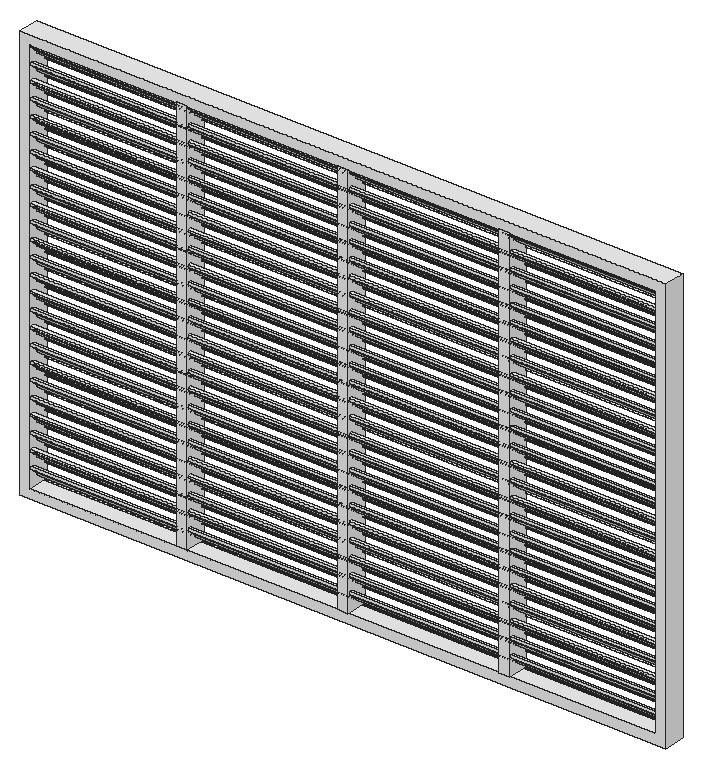
Revit family
Parameters
  폭 1 = Width - 90 mm  # 3010 mm
  그릴 두께 = 100 mm
  Grill Panel 갯수 = 25
  그릴 패널 = AG7 그릴 패널
  그릴 프레임 = AG7 그릴 프레임
  프레임 투영 외부. = 25 mm
  프레임 투영 내부. = 25 mm
  프레임 폭 = 75 mm
  Height = 2600 mm
  Wall Closure = (empty or 0)
  Width = 3100 mm
  기본 씰 높이 = 600 mm
Reference planes
  plane 1: y = 0
  plane 2 "중심(왼쪽/오른쪽)": x = 0
  plane 3 "외부": y = 75
  plane 4 "내부": y = -75
  plane 5: y = -25
  plane 6: z = 600
  plane 7: z = 2600
  plane 8: x = -1550
  plane 9: x = 1550
  plane 10: x = -1504.925
  plane 11: x = 1504.925
  plane 12: x = -25
  plane 13: x = 25
  plane 14: z = 2554.925
  plane 15: z = 645.075
  plane 16: x = -775
  plane 17: x = 775
  plane 18: x = -750
  plane 19: x = -800
  plane 20: x = 800
  plane 21: x = 750
  plane 22: y = 72
Forms (mm)
  Extrusion 1, solid, material "AG7 그릴 프레임" <- "그릴 프레임"
    sketch origin (0, 0, 0) x (1, 0, 0) y (0, 1, 0)
      loop
        line (-25, 75) -> (-25, -25) -> (25, -25) -> (25, 75) -> (-25, 75)
    from 645.075 to 2554.925
  Extrusion 2, solid, material "AG7 그릴 프레임" <- "그릴 프레임"
    sketch origin (0, 0, 0) x (1, 0, 0) y (0, 1, 0)
      loop
        line (-800, 75) -> (-800, -25) -> (-750, -25) -> (-750, 75) -> (-800, 75)
      loop
        line (750, 75) -> (750, -25) -> (800, -25) -> (800, 75) -> (750, 75)
    from 645.075 to 2554.925
  Extrusion 3, solid, material "AG7 그릴 프레임" <- "그릴 프레임"
    sketch origin (0, 75, 0) x (1, 0, 0) y (0, 0, 1)
      loop
        line (1550, 2600) -> (-1550, 2600) -> (-1550, 600) -> (1550, 600) -> (1550, 2600)
      loop
        line (1504.925, 2554.925) -> (-1504.925, 2554.925) -> (-1504.925, 645.075) -> (1504.925, 645.075) -> (1504.925, 2554.925)
    from 0 to 100
Lines and regions (mm)
  Opening 1
    outline origin (-5000, -75, 0) x (1, 0, 0) y (0, 0, 1)
      loop
        line (6550, 2600) -> (3450, 2600) -> (3450, 600) -> (6550, 600) -> (6550, 2600)
Text (mm)
  text "외부" at (-2295.016, 1099.543, 0), in view "참조 레벨"
  text "외부" at (0, 1615.38, 3698.081), in view "왼쪽"
  text "외부" at (0, 1036.032, 3874.932), in view "오른쪽"
Dimensions and locks
  locked: plane 3 "외부" to host wall at 0
  locked: plane 4 "내부" to host wall
  host wall to host wall = 5000 mm
  "그릴 두께": plane 5 to plane 3 "외부"
  "Width": plane 8 to plane 9
  "Height": level to plane 7
  locked: plane 8 to plane 10 at 45.075
  locked: plane 11 to plane 9 at 45.075
  plane 12 to plane 2 "중심(왼쪽/오른쪽)" to plane 13 = 25 mm locked, 25 mm locked
  locked: plane 14 to plane 7 at 45.075
  locked: plane 6 to plane 15 at 45.075
  equal spacing: plane 8, plane 16, plane 2 "중심(왼쪽/오른쪽)", plane 17, plane 9
  plane 19 to plane 16 to plane 18 = 25 mm locked, 25 mm locked
  plane 21 to plane 17 to plane 20 = 25 mm locked, 25 mm locked
  "기본 씰 높이": level to plane 6
  locked: host wall to plane 22 at 3
  equal spacing: group 1, group 3, group 4, group 5, group 6, group 7, group 8, group 9, group 10, group 11, group 12, group 13, group 14, group 15, group 16, group 17, group 18, group 19, group 20, group 21, group 22, group 23, group 24, group 25, group 2  (x2)
  equal spacing: group 2, group 25, group 24, group 23, group 22, group 21, group 20, group 19, group 18, group 17, group 16, group 15, group 14, group 13, group 12, group 11, group 10, group 9, group 8, group 7, group 6, group 5, group 4, group 3, group 1
  aligned and locked: plane 1 to host wall
  aligned and locked: plane 9 to Opening 1 sketch curve
  aligned and locked: plane 7 to Opening 1 sketch curve
  aligned and locked: plane 6 to Opening 1 sketch curve
  aligned and locked: Opening 1 sketch curve to plane 8
  aligned and locked: plane 12 to Extrusion 1 sketch curve
  aligned and locked: plane 3 "외부" to Extrusion 1 sketch curve
  aligned and locked: plane 5 to Extrusion 1 sketch curve
  aligned and locked: Extrusion 1 sketch curve to plane 13
  aligned and locked: plane 14 to Extrusion 1
  aligned and locked: Extrusion 1 to plane 15
  aligned and locked: plane 19 to Extrusion 2 sketch curve
  aligned and locked: plane 3 "외부" to Extrusion 2 sketch curve  (x2)
  aligned and locked: plane 5 to Extrusion 2 sketch curve
  aligned and locked: plane 18 to Extrusion 2 sketch curve
  aligned and locked: plane 21 to Extrusion 2 sketch curve
  aligned and locked: plane 20 to Extrusion 2 sketch curve
  aligned and locked: plane 14 to Extrusion 2
  aligned and locked: Extrusion 2 to plane 15
  aligned and locked: Extrusion 3 sketch curve to plane 7
  aligned and locked: Extrusion 3 sketch curve to plane 9
  aligned and locked: plane 6 to Extrusion 3 sketch curve
  aligned and locked: plane 8 to Extrusion 3 sketch curve
  aligned and locked: plane 11 to Extrusion 3 sketch curve
  aligned and locked: plane 14 to Extrusion 3 sketch curve
  aligned and locked: plane 15 to Extrusion 3 sketch curve
  aligned and locked: plane 10 to Extrusion 3 sketch curve
  aligned and locked: Extrusion 3 to plane 3 "외부"
  aligned and locked: plane 5 to Extrusion 3
  aligned and locked: plane 2 "중심(왼쪽/오른쪽)" to nested 1
  aligned and locked: nested 1 to plane 22
  aligned and locked: nested 1 to Extrusion 3
  aligned and locked: nested 2 to plane 22
  aligned and locked: nested 2 to Extrusion 3
Automatic sketch dimensions
  Extrusion 2 sketch curve to plane 5 = 0 mm
Nested families
  nested 1: "셔터 블레이드" at (0, -21.656, 2554.925), type "셔터 블레이드"
    with 폭 3010 mm
  nested 2: "셔터 블레이드" at (0, -21.656, 740.233), type "셔터 블레이드"
    with 폭 3010 mm
  nested 3: "셔터 블레이드" at (0, -21.656, 2479.313), type "셔터 블레이드"
    with 폭 3010 mm
  nested 4: "셔터 블레이드" at (0, -21.656, 2403.701), type "셔터 블레이드"
    with 폭 3010 mm
  nested 5: "셔터 블레이드" at (0, -21.656, 2328.089), type "셔터 블레이드"
    with 폭 3010 mm
  nested 6: "셔터 블레이드" at (0, -21.656, 2252.476), type "셔터 블레이드"
    with 폭 3010 mm
  nested 7: "셔터 블레이드" at (0, -21.656, 2176.864), type "셔터 블레이드"
    with 폭 3010 mm
  nested 8: "셔터 블레이드" at (0, -21.656, 2101.252), type "셔터 블레이드"
    with 폭 3010 mm
  nested 9: "셔터 블레이드" at (0, -21.656, 2025.64), type "셔터 블레이드"
    with 폭 3010 mm
  nested 10: "셔터 블레이드" at (0, -21.656, 1950.028), type "셔터 블레이드"
    with 폭 3010 mm
  nested 11: "셔터 블레이드" at (0, -21.656, 1874.416), type "셔터 블레이드"
    with 폭 3010 mm
  nested 12: "셔터 블레이드" at (0, -21.656, 1798.803), type "셔터 블레이드"
    with 폭 3010 mm
  nested 13: "셔터 블레이드" at (0, -21.656, 1723.191), type "셔터 블레이드"
    with 폭 3010 mm
  nested 14: "셔터 블레이드" at (0, -21.656, 1647.579), type "셔터 블레이드"
    with 폭 3010 mm
  nested 15: "셔터 블레이드" at (0, -21.656, 1571.967), type "셔터 블레이드"
    with 폭 3010 mm
  nested 16: "셔터 블레이드" at (0, -21.656, 1496.355), type "셔터 블레이드"
    with 폭 3010 mm
  nested 17: "셔터 블레이드" at (0, -21.656, 1420.743), type "셔터 블레이드"
    with 폭 3010 mm
  nested 18: "셔터 블레이드" at (0, -21.656, 1345.13), type "셔터 블레이드"
    with 폭 3010 mm
  nested 19: "셔터 블레이드" at (0, -21.656, 1269.518), type "셔터 블레이드"
    with 폭 3010 mm
  nested 20: "셔터 블레이드" at (0, -21.656, 1193.906), type "셔터 블레이드"
    with 폭 3010 mm
  nested 21: "셔터 블레이드" at (0, -21.656, 1118.294), type "셔터 블레이드"
    with 폭 3010 mm
  nested 22: "셔터 블레이드" at (0, -21.656, 1042.682), type "셔터 블레이드"
    with 폭 3010 mm
  nested 23: "셔터 블레이드" at (0, -21.656, 967.07), type "셔터 블레이드"
    with 폭 3010 mm
  nested 24: "셔터 블레이드" at (0, -21.656, 891.457), type "셔터 블레이드"
    with 폭 3010 mm
  nested 25: "셔터 블레이드" at (0, -21.656, 815.845), type "셔터 블레이드"
    with 폭 3010 mm
Definition of nested family "셔터 블레이드"
  Parameters
    폭 = 1400 mm
    그릴 패널 = none
  Reference planes
    plane 1 "중심(앞/뒤)": y = 0
    plane 2: z = 0
    plane 3 "중심(왼쪽/오른쪽)": x = 0
    plane 4: x = -700
    plane 5: x = 700
  Forms (mm)
    Extrusion 1, solid, material <- "그릴 패널"
      sketch origin (-1827.286, -3.089, -2354.925) x (0, -1, 0) y (0, 0, 1)
        loop
          line (-15.61, 2354.925) -> (-15.61, 2352.922) -> (-5.092, 2352.922) -> (-5.092, 2343.354) -> (-60.985, 2311.084) -> (-59.983, 2309.349) -> (-52.711, 2313.548)
          arc (-52.711, 2313.548) -> (-43.568, 2311.098) -> (-46.018, 2301.955) r 6.693
          line (-46.018, 2301.955) -> (-71.766, 2287.09)
          arc (-71.766, 2287.09) -> (-71.967, 2288.591) -> (-72.782, 2289.867) r 3.506
          arc (-72.782, 2289.867) -> (-73.392, 2290.063) -> (-73.907, 2289.681) r 0.701
          arc (-73.907, 2289.681) -> (-74.029, 2289.222) -> (-73.83, 2288.79) r 0.701
          arc (-73.83, 2288.79) -> (-75.259, 2285.383) -> (-76.688, 2288.79) r 2.003
          arc (-76.688, 2288.79) -> (-76.489, 2289.222) -> (-76.611, 2289.681) r 0.701
          arc (-76.611, 2289.681) -> (-77.125, 2290.063) -> (-77.735, 2289.867) r 0.701
          arc (-77.735, 2289.867) -> (-78.713, 2286.783) -> (-76.749, 2284.213) r 3.506
          line (-76.749, 2284.213) -> (-96.745, 2272.494) -> (-96.745, 2259.767) -> (-84.224, 2259.767) -> (-84.224, 2261.77) -> (-94.741, 2261.77) -> (-94.741, 2271.338) -> (-45.016, 2300.22)
          arc (-45.016, 2300.22) -> (-40.804, 2309.286) -> (-47.903, 2316.324) r 8.697
          line (-47.903, 2316.324) -> (-28.368, 2327.602)
          arc (-28.368, 2327.602) -> (-28.167, 2326.101) -> (-27.352, 2324.824) r 3.506
          arc (-27.352, 2324.824) -> (-26.742, 2324.629) -> (-26.227, 2325.011) r 0.701
          arc (-26.227, 2325.011) -> (-26.105, 2325.47) -> (-26.304, 2325.901) r 0.701
          arc (-26.304, 2325.901) -> (-24.875, 2329.309) -> (-23.446, 2325.901) r 2.003
          arc (-23.446, 2325.901) -> (-23.645, 2325.47) -> (-23.523, 2325.011) r 0.701
          arc (-23.523, 2325.011) -> (-23.009, 2324.629) -> (-22.399, 2324.824) r 0.701
          arc (-22.399, 2324.824) -> (-21.421, 2327.908) -> (-23.385, 2330.479) r 3.506
          line (-23.385, 2330.479) -> (-3.089, 2342.197) -> (-3.089, 2354.925) -> (-15.61, 2354.925)
      from -1127.286 to -2527.286
  Dimensions and locks
    equal spacing: plane 4, plane 3 "중심(왼쪽/오른쪽)", plane 5
    "폭": plane 4 to plane 5
    aligned and locked: Extrusion 1 to plane 4
    aligned and locked: plane 5 to Extrusion 1
  Automatic sketch dimensions
    Extrusion 1 sketch curve to Extrusion 1 sketch curve = 0 mm  (x22)
    Extrusion 1 sketch curve to level = 0 mm
    Extrusion 1 sketch curve to plane 1 "중심(앞/뒤)" = 0 mm
    Extrusion 1 sketch curve to plane 1 "중심(앞/뒤)" = 2.003 mm
    Extrusion 1 sketch curve to level = 2.003 mm
    Extrusion 1 sketch curve to Extrusion 1 sketch curve = 10.517 mm  (x2)
    Extrusion 1 sketch curve to plane 1 "중심(앞/뒤)" = 19.31 mm
    Extrusion 1 sketch curve to Extrusion 1 sketch curve = 0.495 mm  (x4)
    Extrusion 1 sketch curve to Extrusion 1 sketch curve = 0.053 mm  (x4)
    Extrusion 1 sketch curve to Extrusion 1 sketch curve = 0.439 mm
    Extrusion 1 sketch curve to Extrusion 1 sketch curve = 0.5 mm  (x3)
    Extrusion 1 sketch curve to Extrusion 1 sketch curve = 0.629 mm  (x2)
    Extrusion 1 sketch curve to Extrusion 1 sketch curve = 1.429 mm  (x2)
    Extrusion 1 sketch curve to Extrusion 1 sketch curve = 1.352 mm  (x2)
    Extrusion 1 sketch curve to Extrusion 1 sketch curve = 0.076 mm  (x2)
    Extrusion 1 sketch curve to Extrusion 1 sketch curve = 2.065 mm
    Extrusion 1 sketch curve to Extrusion 1 sketch curve = 17.665 mm
    Extrusion 1 sketch curve to Extrusion 1 sketch curve = 1.002 mm  (x2)
    Extrusion 1 sketch curve to Extrusion 1 sketch curve = 1.885 mm
    Extrusion 1 sketch curve to Extrusion 1 sketch curve = 3.347 mm
    Extrusion 1 sketch curve to Extrusion 1 sketch curve = 4.809 mm
    Extrusion 1 sketch curve to Extrusion 1 sketch curve = 7.272 mm
    Extrusion 1 sketch curve to level = 43.841 mm
    Extrusion 1 sketch curve to Extrusion 1 sketch curve = 11.782 mm
    Extrusion 1 sketch curve to Extrusion 1 sketch curve = 1.017 mm
    Extrusion 1 sketch curve to Extrusion 1 sketch curve = 1.49 mm
    Extrusion 1 sketch curve to Extrusion 1 sketch curve = 0.576 mm
    Extrusion 1 sketch curve to Extrusion 1 sketch curve = 7.475 mm
    Extrusion 1 sketch curve to Extrusion 1 sketch curve = 2.003 mm  (x2)
    Extrusion 1 sketch curve to Extrusion 1 sketch curve = 1.735 mm  (x2)
    Extrusion 1 sketch curve to Extrusion 1 sketch curve = 5.796 mm
    Extrusion 1 sketch curve to Extrusion 1 sketch curve = 19.482 mm
    Extrusion 1 sketch curve to Extrusion 1 sketch curve = 0.186 mm  (x2)
    Extrusion 1 sketch curve to Extrusion 1 sketch curve = 11.718 mm
    Extrusion 1 sketch curve to Extrusion 1 sketch curve = 1.157 mm  (x2)
    Extrusion 1 sketch curve to Extrusion 1 sketch curve = 9.568 mm
    Extrusion 1 sketch curve to Extrusion 1 sketch curve = 18.53 mm
